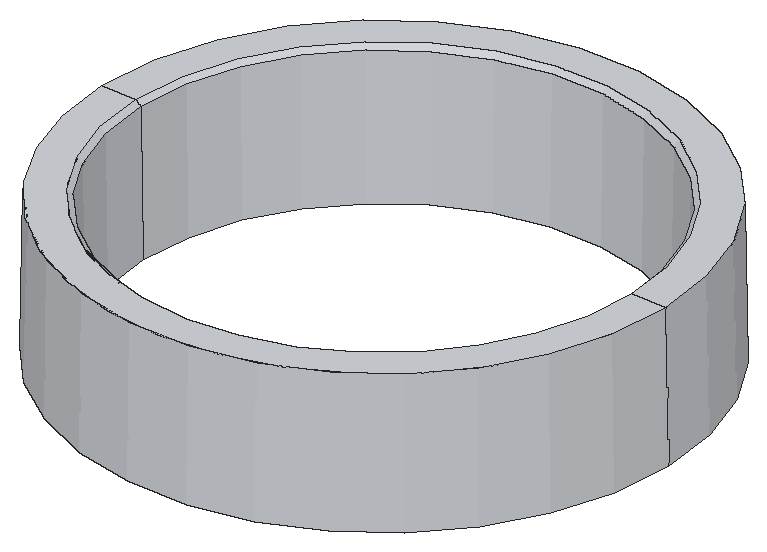
Revit family "Кольцо 1000х290 без замка КС 10.3", category Обобщенные модели, Revit 2023
Family settings
  Может служить основой для арматурных стержней = Нет
  Размер круглого соединителя = Использовать диаметр
  Тип детали = Нормальный
  На основе рабочей плоскости = Нет
  Всегда вертикально = Да
  При загрузке вырезать с полостями = Нет
  Сохранять ориентацию аннотаций = Нет
  Общий = Нет
  Точка принадлежности помещению = Нет
Parameters (values of type "Кольцо 1000х290 без замка КС 10.3")
  фаска = 10 mm
  толщ_на_h2_расч = (t1 - t2) / 2 * (h1 + h2) / ADSK_Размер_Высота + 10 mm  # 21.638 mm
  толщ_на_h1_расч = (t1 - t2) / 2 * h1 / ADSK_Размер_Высота + 10 mm  # 16.379 mm
  сужение_низ = 5 mm
  вырез2 = no
  вырез1 = no
  Отметка по умолчанию = 0 mm
  t2 = 80 mm
  t1 = 90 mm
  h2 = 305 mm
  h1 = 370 mm
  ADSK_Размер_Диаметр = 1000 mm
  ADSK_Размер_Высота = 290 mm
  ADSK_Масса = 214
Reference planes
  plane 1 "По центру (Вперед/Назад)": y = 0
  plane 2: z = 0
  plane 3 "По центру (Влево/Вправо)": x = 0
  plane 4: x = 500
  plane 5: x = -500
  plane 6: y = 500
  plane 7: y = -500
  plane 8: z = 290
  plane 9: x = -585
  plane 10: x = 585
  plane 11: y = 585
  plane 12: y = -585
  plane 13: y = 580
  plane 14: y = -580
  plane 15: x = -580
  plane 16: x = 580
  plane 17: z = 370
  plane 18: z = 675
  plane 19: y = 495
  plane 20: y = -495
  plane 21: x = -495
  plane 22: x = 495
  plane 23: x = -563.362
  plane 24: x = -568.621
  plane 25: x = 563.362
  plane 26: x = 568.621
  plane 27: x = -510
  plane 28: z = 280
Forms (mm)
  Revolve 1, solid
    sketch origin (0, 0, 0) x (1, 0, 0) y (0, 0, 1)
      loop
        line (-585, 0) -> (-495, 0) -> (-500, 280) -> (-510, 290) -> (-580, 290) -> (-585, 0)
      axis (0, 290) -> (0, 0)
    angle from 0 to 360
Dimensions and locks
  equal spacing: plane 5, plane 3 "По центру (Влево/Вправо)", plane 4
  equal spacing: plane 7, plane 1 "По центру (Вперед/Назад)", plane 6
  "ADSK_Размер_Диаметр": plane 5 to plane 4
  "ADSK_Размер_Диаметр": plane 7 to plane 6
  "t1": plane 9 to plane 21
  "t1": plane 22 to plane 10
  "t2": plane 6 to plane 13
  "t2": plane 14 to plane 7
  "t2": plane 15 to plane 5
  "t2": plane 4 to plane 16
  "h1": plane 17 to level
  "h2": plane 18 to plane 17
  "ADSK_Размер_Высота": plane 8 to level
  "сужение_низ": plane 5 to plane 21
  "сужение_низ": plane 22 to plane 4
  "сужение_низ": plane 19 to plane 6
  "сужение_низ": plane 7 to plane 20
  "t1": plane 12 to plane 20
  "t1": plane 19 to plane 11
  "толщ_на_h2_расч": plane 23 to plane 9
  "толщ_на_h1_расч": plane 24 to plane 9
  "толщ_на_h2_расч": plane 10 to plane 25
  "толщ_на_h1_расч": plane 10 to plane 26
  "фаска": plane 8 to plane 28
  "фаска": plane 5 to plane 27
  aligned and locked: level to plane 2
Automatic sketch dimensions
  Revolve 1 sketch curve to level = 0 mm
  Revolve 1 sketch curve to plane 9 = 0 mm
  Revolve 1 sketch curve to plane 8 = 0 mm
  Revolve 1 sketch curve to plane 15 = 0 mm
  Revolve 1 sketch curve to plane 27 = 0 mm
  Revolve 1 sketch curve to plane 5 = 0 mm
  Revolve 1 sketch curve to plane 21 = 0 mm
  Revolve 1 sketch curve to plane 28 = 0 mm
